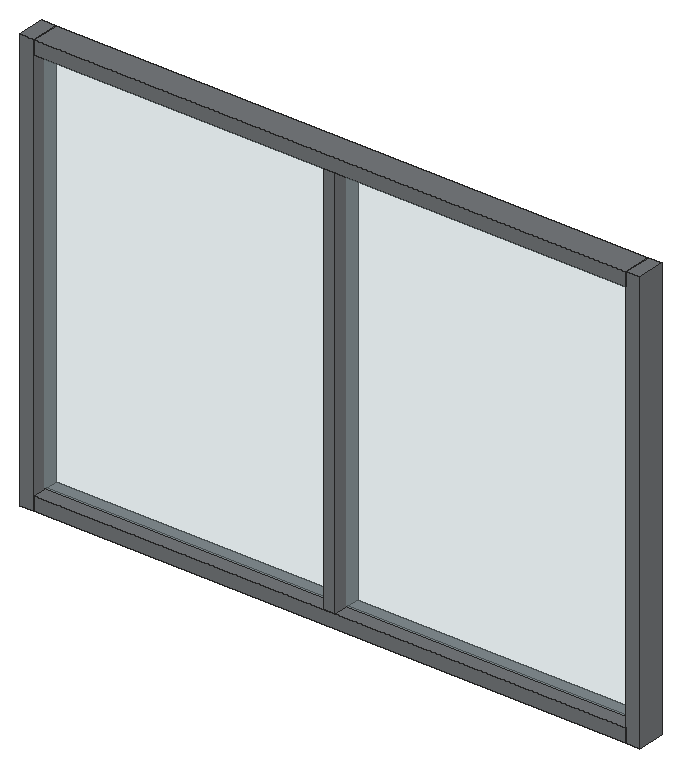
Revit family "LC W14 - A11", category Windows, host Wall, Revit 2027
Family settings
  Host = Wall
  Always vertical = Yes
  Cut with Voids When Loaded = No
  Shared = No
  Room Calculation Point = No
Parameters (values of type "A11 nominal size")
  Height = 1520 mm  # constant formula
  Description = "A07/A08 position, A11 overall sizes. Frame50x100 and glazing6mm are visual coordination profiles; manufacturer sections/glazing specification pending. Panel divisions follow schedule appearance, undimensioned divisions provisional."
  Default Sill Height = 0 mm
  Wall Closure = By host
  Width = 2230 mm  # constant formula
Reference planes
  plane 1 "Center (Front/Back)": y = 0
  plane 2 "Center (Left/Right)": x = 0
  plane 3 "Left": x = -1115
  plane 4 "Right": x = 1115
  plane 5 "Sill": z = 0
  plane 6 "Head": z = 1520
  plane 7 "Exterior": y = 100
  plane 8 "Interior": y = -100
Forms (mm)
  Extrusion 1, solid, material "LC Aluminium - charcoal coordination"
    sketch origin (0, 0, 0) x (1, 0, 0) y (0, 1, 0)
      loop
        line (-1115, -50) -> (-1065, -50) -> (-1065, 50) -> (-1115, 50) -> (-1115, -50)
    from 0 to 1520
  Extrusion 2, solid, material "LC Aluminium - charcoal coordination"
    sketch origin (0, 0, 0) x (1, 0, 0) y (0, 1, 0)
      loop
        line (1065, -50) -> (1115, -50) -> (1115, 50) -> (1065, 50) -> (1065, -50)
    from 0 to 1520
  Extrusion 3, solid, material "LC Aluminium - charcoal coordination"
    sketch origin (0, 0, 0) x (1, 0, 0) y (0, 1, 0)
      loop
        line (-1065, -50) -> (1065, -50) -> (1065, 50) -> (-1065, 50) -> (-1065, -50)
    from 1470 to 1520
  Extrusion 4, solid, material "LC Aluminium - charcoal coordination"
    sketch origin (0, 0, 0) x (1, 0, 0) y (0, 1, 0)
      loop
        line (-1065, -50) -> (1065, -50) -> (1065, 50) -> (-1065, 50) -> (-1065, -50)
    from 0 to 50
  Extrusion 5, solid, material "LC Aluminium - charcoal coordination"
    sketch origin (0, 0, 0) x (1, 0, 0) y (0, 1, 0)
      loop
        line (-20, -50) -> (20, -50) -> (20, 50) -> (-20, 50) -> (-20, -50)
    from 50 to 1470
  Extrusion 6, solid, material "LC Glazing - specification pending"
    sketch origin (0, 0, 0) x (1, 0, 0) y (0, 1, 0)
      loop
        line (-1065, -3) -> (0, -3) -> (0, 3) -> (-1065, 3) -> (-1065, -3)
    from 50 to 1470
  Extrusion 7, solid, material "LC Glazing - specification pending"
    sketch origin (0, 0, 0) x (1, 0, 0) y (0, 1, 0)
      loop
        line (0, -3) -> (1065, -3) -> (1065, 3) -> (0, 3) -> (0, -3)
    from 50 to 1470
Lines and regions (mm)
  Opening 1
    outline origin (3500, -100, 0) x (1, 0, 0) y (0, 0, 1)
      loop
        line (-2385, 0) -> (-2385, 1520) -> (-4615, 1520) -> (-4615, 0) -> (-2385, 0)
Text (mm)
  text "Exterior" at (-1963.203, 1332.353, 0), in view "Ref. Level"
  text "Interior" at (-1981.466, -818.386, 0), in view "Ref. Level"
  text "Exterior" at (0, 923.751, 2943.296), in view "Right"
  text "Exterior" at (0, 1040.484, 2685.409), in view "Left"
Dimensions and locks
  equal spacing: plane 3 "Left", plane 2 "Center (Left/Right)", plane 4 "Right"
  "Width": plane 3 "Left" to plane 4 "Right"
  "Height": plane 5 "Sill" to plane 6 "Head"
  "Default Sill Height": plane 5 "Sill" to level
  locked: plane 7 "Exterior" to host wall
  locked: plane 8 "Interior" to host wall
Automatic sketch dimensions
  Opening 1 sketch curve to plane 3 "Left" = 0 mm
  Opening 1 sketch curve to plane 4 "Right" = 0 mm
  Opening 1 sketch curve to plane 5 "Sill" = 0 mm
  Opening 1 sketch curve to plane 6 "Head" = 0 mm
  Extrusion 1 sketch curve to plane 3 "Left" = 0 mm
  Extrusion 1 sketch curve to Extrusion 1 sketch curve = 50 mm
  host wall to Extrusion 1 sketch curve = 50 mm
  Extrusion 1 sketch curve to host wall = 50 mm
  Extrusion 2 sketch curve to plane 4 "Right" = 0 mm
  plane 4 "Right" to Extrusion 2 sketch curve = 50 mm
  host wall to Extrusion 2 sketch curve = 50 mm
  Extrusion 2 sketch curve to host wall = 50 mm
  Extrusion 3 sketch curve to plane 3 "Left" = 50 mm
  plane 4 "Right" to Extrusion 3 sketch curve = 50 mm
  host wall to Extrusion 3 sketch curve = 50 mm
  Extrusion 3 sketch curve to host wall = 50 mm
  Extrusion 4 sketch curve to plane 3 "Left" = 50 mm
  plane 4 "Right" to Extrusion 4 sketch curve = 50 mm
  host wall to Extrusion 4 sketch curve = 50 mm
  Extrusion 4 sketch curve to host wall = 50 mm
  plane 2 "Center (Left/Right)" to Extrusion 5 sketch curve = 20 mm
  Extrusion 5 sketch curve to plane 2 "Center (Left/Right)" = 20 mm
  host wall to Extrusion 5 sketch curve = 50 mm
  Extrusion 5 sketch curve to host wall = 50 mm
  Extrusion 6 sketch curve to plane 2 "Center (Left/Right)" = 0 mm
  host wall to Extrusion 6 sketch curve = 3 mm
  Extrusion 6 sketch curve to plane 3 "Left" = 50 mm
  Extrusion 6 sketch curve to host wall = 3 mm
  Extrusion 7 sketch curve to plane 2 "Center (Left/Right)" = 0 mm
  Extrusion 7 sketch curve to host wall = 3 mm
  plane 4 "Right" to Extrusion 7 sketch curve = 50 mm
  host wall to Extrusion 7 sketch curve = 3 mm
